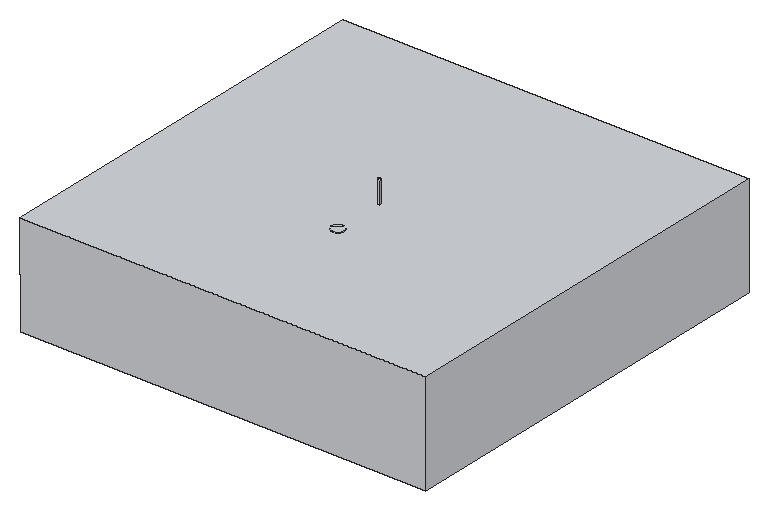
Revit family
Parameters (values of type "LR1653-1-04-M")
  Waste Connection = no
  Vent Connection = no
  VAC- AcornVac System = no
  URL = "http://www.acorneng.com"
  THLR- Towel Hook   Left Side      Right Side    Single Double = no
  TG- 12 Gage Cabinet = no
  TF- Transformer, 120 VAC TO 24 VAC (-MVC option only) = no
  SW- Wall Sleeve = no
  PPZ2- Hot & Cold Programmable Piezo Pushbutton = no
  PPZ1 - Programmable Piezo Pushbutton (Single Temperature Only) = no
  PFB- Power Failure Bypass (Provides emergency Drinking Water in the Event of Power Failure) = yes
  Model = "LR1653-1-04-M"
  Material = none
  Material = Type 304 Stainless Steel
  Manufacturer = "Acorn Engineering"
  MVC2-BAT-  Time-Trol Hot & Cold Battery Powered (Batteries Not Included) = yes
  MVC2- Hot & Cold = yes
  MVC1-BAT-  Time-Trol Single Temp Battery Powered (Batteries Not Included) = yes
  MVC1 - Time-Trol - Single Temp = no
  MTPP2-  Hot & Cold w/ Piezo Pushbuttons = no
  MTPP1- Single Temp w/ Piezo Pushbutton = no
  MTP2- Hot & Cold = no
  MTP1 Single Temp = no
  MT-  Metal Template (Only 1 Required Per Project) = no
  MA4- Manifolded 4 Stack = no
  MA3- Manifolded 3 Stack = no
  MA2- Manifolded 2 Stack = no
  LW1- Thru-Wall Waste Extension with P-Trap = no
  LWE- Lavy Waste Extension (3" Standard) Specify Length Beyond Fixture = no
  HW Connection = yes
  FMT- FIXTURE MOUNTED TRIM = no
  EVSP2 - Electronic Valve System - Hot & Cold w/ Piezo Pushbuttons = no
  EVSP1 - Electronic Valve System Single Temp w/ Piezo Pushbutton = no
  EVS2 - Electronic Valve System - Hot & Cold = no
  EVS1 - Electronic Valve System - Single Temperature = no
  EG - Enviro-Glaze Color, Specify: = no
  Designed By = "Acorn Design BIM Team"
  Description = "Ligature Resistant Lavatory with D-Shaped Bowl  ADA Compliant"
  Default Elevation = 34"
  Copyrighted By = "Acorn Eng."
  CW Connection = yes
  CI - Cycle Interrupt for Time-Trol Valves = no
  BS - Built-in Liquid Soap System (Non-ADA) = no
  BRS- Brass Body Valve = no
  8 - T/P Temperature-Pressure Balancing Mixing Valve (ASSE 1016 Compliant) = no
  6 - Air-Control, Single Temperature Metering = no
  5 - Flo-Cloz, Single Temperature = no
  04-M- Hot & Cold, Metering = yes
  03-M- Single Temp. Metering = yes
  0 - Electronic Valves, Single Temp. Metering (Must Specify Type Where Indicated Below) = no
Reference planes (in)
  plane 1 "Center (Front/Back)": y = 0
  plane 2: z = 0
  plane 3 "Center (Left/Right)": x = 0
Forms (in)
  Extrusion 1, solid
    sketch origin (0, 0, 0) x (1, 0, 0) y (0, 1, 0)
      loop
        line (-24, 24) -> (-24, -23.29348) -> (23.57922, -23.29348) -> (23.57922, 24) -> (-24, 24)
    from 0 to -12
  Extrusion 2, solid
    sketch origin (0, 0, 0) x (1, 0, 0) y (0, 1, 0)
      loop
        circle (0.00121, -6.74855) r 0.75
    from 0 to -10.25
  Extrusion 3, solid
    sketch origin (0, 0, 0) x (1, 0, 0) y (0, 1, 0)
      loop
        circle (0, -0.68568) r 0.125
    from -0.21003 to 2.57831
Lines and regions (in)
  symbolic lines
    curve 1: line (0, -5.0002, 18) -> (0, -11.0002, 18)
    curve 2: line (0, -10.04915, 0) -> (0, -10.04915, 26)
    curve 3: line (0, 4.83223, 0) -> (0, 4.83223, 25)
Dimensions and locks (in)
  Extrusion 1 to curve 1 = 18"
  plane 1 "Center (Front/Back)" to import instance = 5.0002"
  curve 3 to curve 2 = 14.88138"
  import instance to Extrusion 1 = 2.57831"
  curve 3 to plane 1 "Center (Front/Back)" = 4.83223"
  aligned and locked: plane 2 to Extrusion 1
  aligned and locked: level to Extrusion 1
Connectors (in)
  piping at (0.00121, -6.74855, -10.25)
    settings: on Extrusion 2, index 1
  piping at (0, -0.68568, -0.21003)
    settings: on Extrusion 3, index 2
